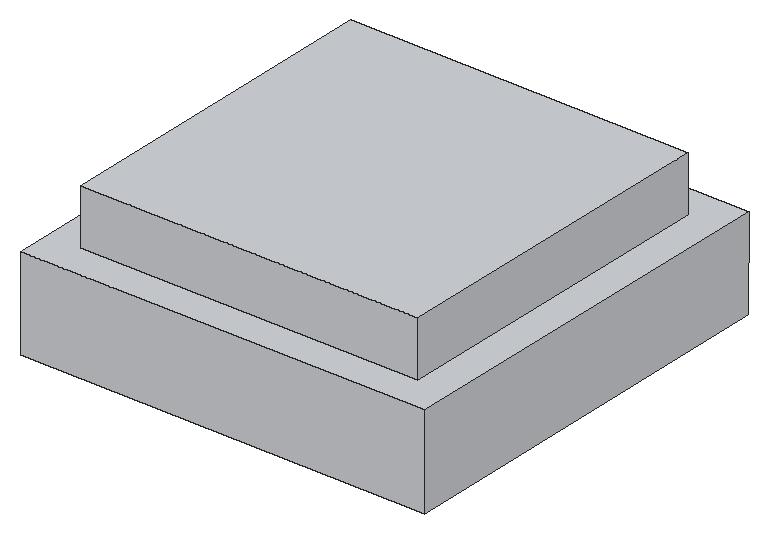
Revit family "Mark Ecofan W", category Mechanical Equipment, Revit 2016
Family settings
  Part Type = Normal
  Round Connector Dimension = Use Diameter
  OmniClass Number = 23.75.00.00
  OmniClass Title = Climate Control (HVAC)
  Work Plane-Based = No
  Always vertical = Yes
  Cut with Voids When Loaded = No
  Shared = No
  Room Calculation Point = No
Parameters (values of type "Ecofan W type W82")
  voltage = 230 V
  schijnbaar_vermogen = voltage * nominale stroom  # 391 VA
  offset [instance] = 70 mm
  o1 [instance] = if(offset < 100 mm, 100 mm, if(offset > 100 mm, offset, 100 mm))  # 100 mm
  nominale stroom = 1.7 A
  lengte = b1  # 720 mm
  hoogte = h1  # 265 mm
  h2 = 165 mm
  h1 = 265 mm
  gewicht = "23 KG"
  elektrisch_vermogen = 360 W
  debiet = 800.0 m³/h
  breedte = b1  # 720 mm
  b2 = 600 mm
  b1 = 720 mm
  aantal_polen = 1
  URL = "http://www.mark.nl/"
  Type Comments = "Type W82"
  Model = "ECOFAN W"
  Manufacturer = "Mark"  # constant formula
Reference planes
  plane 1 "Center (Front/Back)": y = 0
  plane 2: z = 0
  plane 3 "Center (Left/Right)": x = 0
  plane 4: x = -360
  plane 5: x = 360
  plane 6: x = 300
  plane 7: x = -300
  plane 8: y = 360
  plane 9: y = 300
  plane 10: y = -300
  plane 11: y = -360
  plane 12: z = -200
  plane 13: z = -365
  plane 14: z = -100
Forms (mm)
  Extrusion 1, solid
    sketch origin (1292.37, -1524, -365) x (0, -1, 0) y (-1, 0, 0)
      loop
        line (-1884, 1652.37) -> (-1884, 932.37) -> (-1164, 932.37) -> (-1164, 1652.37) -> (-1884, 1652.37)
    from 0 to -165
  Extrusion 2, solid
    sketch origin (-1213.618, -1524, -200) x (-1, 0, 0) y (0, -1, 0)
      loop
        line (-913.618, -1824) -> (-913.618, -1224) -> (-1513.618, -1224) -> (-1513.618, -1824) -> (-913.618, -1824)
    from 0 to 100
Dimensions and locks
  equal spacing: plane 4, plane 3 "Center (Left/Right)", plane 5
  "b1": plane 4 to plane 5
  equal spacing: plane 7, plane 3 "Center (Left/Right)", plane 6
  "b2": plane 7 to plane 6
  equal spacing: plane 8, plane 1 "Center (Front/Back)", plane 11
  "b1": plane 8 to plane 11
  "b2": plane 10 to plane 9
  equal spacing: plane 10, plane 1 "Center (Front/Back)", plane 9
  "h2": plane 12 to plane 13
  "h1": plane 14 to plane 13
  "o1": plane 2 to plane 14
  aligned and locked: level to plane 2
  aligned and locked: plane 5 to Extrusion 1 sketch curve
  aligned and locked: Extrusion 1 sketch curve to plane 8
  aligned and locked: plane 4 to Extrusion 1 sketch curve
  aligned and locked: Extrusion 1 sketch curve to plane 11
  aligned and locked: plane 12 to Extrusion 1
  aligned and locked: Extrusion 2 sketch curve to plane 6
  aligned and locked: plane 9 to Extrusion 2 sketch curve
  aligned and locked: Extrusion 2 sketch curve to plane 7
  aligned and locked: plane 10 to Extrusion 2 sketch curve
  aligned and locked: plane 14 to Extrusion 2
Connectors
  electrical at (0, 0, -100), driven by "aantal_polen", driven by "voltage", driven by "schijnbaar_vermogen"
    settings: on Extrusion 2, index 1, voltage 230 V, apparent load 0 VA, apparent load phase1 391 VA, apparent load phase2 0 VA, apparent load phase3 0 VA, power factor 1, load classification "Other", number of poles 1, system type 31, power factor state 1, is connector primary yes, connector utility no, sub classification motor no, connector description ""
